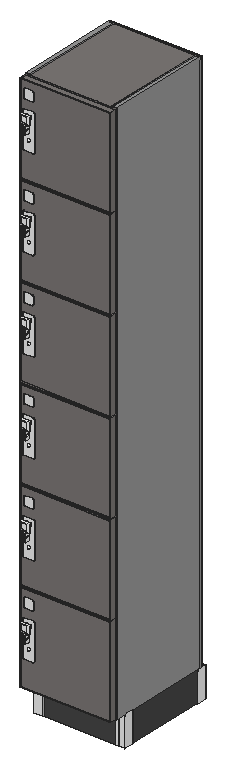
Revit family "Wood_Lockers_Hasps-Salsbury_Industries-46000_Series-1_Wide_Units", category Specialty Equipment, Revit 2023 (continued)
Definition of nested family "Premier Locker Doors_Hasp"
  Dimensions and locks (in)
    plane 7 "Front of Door" to plane 38 "Inner Knob" = 0.719"
    locked: plane 38 "Inner Knob" to plane 39 "Front of Knob" at 0.031
    locked: plane 40 to plane 20 "Top of Lock" at 1.125
    locked: plane 21 "Bottom of Lock" to plane 41 at 1.125
    locked: plane 20 "Top of Lock" to plane 42 at 0.125
    locked: plane 18 "Right Side of Lock" to plane 43 at 0.125
    locked: plane 44 to plane 17 "Left Side of Lock" at 0.125
    plane 42 to plane 45 = 1.250"
    locked: plane 45 to plane 46 "Top of Hole" at 0.125
    plane 48 to plane 30 "Center of Lock" to plane 47 = 0.188" locked, 0.188" locked
    locked: plane 46 "Top of Hole" to plane 49 "Bottom of Hole" at 1.25
    plane 49 "Bottom of Hole" to plane 50 "Stud Alignment" = 0.750"
    locked: plane 42 to plane 51 "Center of Handle" at 0.625
    plane 52 to plane 51 "Center of Handle" to plane 53 = 0.188" locked, 0.188" locked
    plane 7 "Front of Door" to plane 39 "Front of Knob" = 0.750"
    locked: plane 42 to plane 54 at 0.22204
    locked: plane 55 to plane 45 at 0.22204
    locked: plane 7 "Front of Door" to plane 56 "Front of Latch" at 0.625
    locked: plane 57 to plane 58 at 1
    locked: plane 46 "Top of Hole" to plane 57 at 0.1281
    equal spacing: plane 58, plane 59, plane 57
    locked: plane 60 to plane 5 "Right Side of Door" at 0.594
    locked: plane 57 to plane 61 at 0.0599
    locked: plane 62 to plane 58 at 0.06376
    plane 12 "Bottom of Number Tag" to plane 20 "Top of Lock" = 1.1875"
    aligned and locked: level to plane 2
    aligned and locked: Extrusion 5 to plane 11 "Top of Number Tag"
    aligned and locked: plane 12 "Bottom of Number Tag" to Extrusion 5
    aligned and locked: Extrusion 5 to plane 14 "Right Side of Number Tag"
    aligned and locked: Extrusion 5 to plane 13 "Left Side of Number Tag"
    aligned and locked: plane 29 "Back of Number Plate Inset" to Extrusion 5
    aligned and locked: plane 7 "Front of Door" to Extrusion 5
    aligned and locked: plane 29 "Back of Number Plate Inset" to Extrusion 6
    aligned and locked: plane 7 "Front of Door" to Extrusion 6
    aligned and locked: Extrusion 6 to plane 14 "Right Side of Number Tag"
    aligned and locked: Extrusion 6 to plane 13 "Left Side of Number Tag"
    aligned and locked: Extrusion 6 to plane 11 "Top of Number Tag"
    aligned and locked: plane 12 "Bottom of Number Tag" to Extrusion 6
    aligned and locked: curve 9 to Extrusion 8
    aligned and locked: curve 10 to Extrusion 8
    aligned and locked: curve 11 to Extrusion 8
    aligned and locked: Extrusion 7 to curve 12
    aligned and locked: curve 14 to Extrusion 7
    aligned and locked: curve 16 to plane 7 "Front of Door"
    aligned and locked: curve 19 to Extrusion 8  (x2)
    aligned and locked: curve 21 to Extrusion 8
    aligned and locked: curve 18 to curve 22
    aligned and locked: curve 22 to Extrusion 9  (x2)
    aligned and locked: curve 24 to Extrusion 9
    aligned and locked: curve 25 to Extrusion 10
    aligned and locked: curve 26 to Extrusion 10
    aligned and locked: curve 27 to Extrusion 10
    aligned and locked: plane 20 "Top of Lock" to Extrusion 11 sketch curve
    aligned and locked: Extrusion 11 sketch curve to plane 21 "Bottom of Lock"
    aligned and locked: Extrusion 11 to plane 29 "Back of Number Plate Inset"
    aligned and locked: plane 7 "Front of Door" to Extrusion 11
    aligned and locked: Extrusion 3 to Extrusion 11
    aligned and locked: plane 50 "Stud Alignment" to Sweep 14  (x2)
    aligned and locked: Extrusion 15 to plane 7 "Front of Door"
    aligned and locked: Extrusion 15 to plane 22 "Front of Hasp Stud"
    aligned and locked: plane 50 "Stud Alignment" to Extrusion 15
    aligned and locked: Blend 17 to plane 39 "Front of Knob"
    aligned and locked: plane 38 "Inner Knob" to Blend 17
    aligned and locked: plane 6 "Back of Door" to Extrusion 18 sketch curve
    aligned and locked: plane 56 "Front of Latch" to Extrusion 18 sketch curve
    aligned and locked: Extrusion 18 to plane 57
    aligned and locked: plane 58 to Extrusion 18
    aligned and locked: plane 59 to cut or joined group of Extrusion 18, Extrusion 19
    aligned and locked: plane 61 to Extrusion 13 sketch curve  (x2)
    aligned and locked: plane 62 to Extrusion 13 sketch curve  (x2)
  Automatic sketch dimensions
    Extrusion 1 sketch curve to plane 4 "Left Side of Door" = 0.031"
    plane 5 "Right Side of Door" to Extrusion 1 sketch curve = 0.031"
    level to Extrusion 1 sketch curve = 0.031"
    plane 9 "Top of Door" to Extrusion 1 sketch curve = 0.031"
    Extrusion 2 sketch curve to plane 4 "Left Side of Door" = 0.031"
    plane 5 "Right Side of Door" to Extrusion 2 sketch curve = 0.031"
    level to Extrusion 2 sketch curve = 0.031"
    plane 9 "Top of Door" to Extrusion 2 sketch curve = 0.031"
    Extrusion 3 sketch curve to plane 4 "Left Side of Door" = 0.031"
    plane 5 "Right Side of Door" to Extrusion 3 sketch curve = 0.031"
    level to Extrusion 3 sketch curve = 0.031"
    plane 9 "Top of Door" to Extrusion 3 sketch curve = 0.031"
    plane 23 "Left Side of Door-Right Side of Trim" to Sweep 4 sketch curve = 0.000"
    plane 24 "Right Side of Door-Left Side of Trim" to Sweep 4 sketch curve = 0.000"  (x2)
    Sweep 4 sketch curve to plane 26 "Bottom of Door-Top of Trim" = 0.000"
    Sweep 4 sketch curve to plane 25 "Top of Door-Bottom of Trim" = 0.000"
    profile plane to Sweep 4 sketch curve = 0.125"
    Sweep 4 sketch curve to Sweep 4 sketch curve = 0.031"
    Sweep 4 sketch curve to plane 1 "Center (Front/Back)" = 0.375"
    plane 1 "Center (Front/Back)" to Sweep 4 sketch curve = 0.375"
    Extrusion 7 sketch curve to plane 33 = 0.000"
    Extrusion 7 sketch curve to plane 34 = 0.000"
    plane 36 to Extrusion 8 sketch curve = 0.000"
    Extrusion 8 sketch curve to Extrusion 8 sketch curve = 0.500"
    plane 35 "Top Hinge" to Extrusion 8 sketch curve = 0.250"
    Extrusion 8 sketch curve to plane 35 "Top Hinge" = 0.250"
    plane 36 to Extrusion 9 sketch curve = 0.000"
    Extrusion 9 sketch curve to Extrusion 9 sketch curve = 0.500"
    plane 37 "Bottom Hinge" to Extrusion 9 sketch curve = 0.250"
    Extrusion 9 sketch curve to plane 37 "Bottom Hinge" = 0.250"
    plane 36 to Extrusion 10 sketch curve = 0.000"
    Extrusion 10 sketch curve to Extrusion 10 sketch curve = 0.500"
    curve 4 to level = 0.000"
    plane 4 "Left Side of Door" to curve 4 = 0.000"
    plane 5 "Right Side of Door" to curve 3 = 0.000"
    curve 3 to plane 9 "Top of Door" = 0.000"
    Extrusion 5 sketch curve to plane 13 "Left Side of Number Tag" = 0.000"
    Extrusion 5 sketch curve to plane 12 "Bottom of Number Tag" = 0.000"
    Extrusion 5 sketch curve to plane 11 "Top of Number Tag" = 0.000"
    Extrusion 5 sketch curve to plane 14 "Right Side of Number Tag" = 0.000"
    Extrusion 6 sketch curve to plane 13 "Left Side of Number Tag" = 0.000"
    Extrusion 6 sketch curve to plane 12 "Bottom of Number Tag" = 0.000"
    Extrusion 6 sketch curve to plane 11 "Top of Number Tag" = 0.000"
    Extrusion 6 sketch curve to plane 14 "Right Side of Number Tag" = 0.000"
    Extrusion 11 sketch curve to plane 13 "Left Side of Number Tag" = 0.125"
    Extrusion 10 sketch curve to plane 10 "Center of Door" = 0.250"
    plane 10 "Center of Door" to Extrusion 10 sketch curve = 0.250"
    Extrusion 11 sketch curve to plane 21 "Bottom of Lock" = 0.125"
    plane 13 "Left Side of Number Tag" to Extrusion 5 sketch curve = 0.14916"
    Extrusion 5 sketch curve to Extrusion 5 sketch curve = 0.14916"  (x2)
    plane 13 "Left Side of Number Tag" to Extrusion 6 sketch curve = 0.14916"
    Extrusion 6 sketch curve to plane 12 "Bottom of Number Tag" = 0.14916"
    plane 13 "Left Side of Number Tag" to Extrusion 11 sketch curve = 0.000"  (x2)
    Extrusion 5 sketch curve to plane 12 "Bottom of Number Tag" = 0.14916"
    Extrusion 6 sketch curve to plane 14 "Right Side of Number Tag" = 0.14916"  (x2)
    plane 14 "Right Side of Number Tag" to Extrusion 11 sketch curve = 0.000"  (x2)
    Extrusion 12 sketch curve to plane 17 "Left Side of Lock" = 0.000"
    plane 13 "Left Side of Number Tag" to Extrusion 12 sketch curve = 0.000"  (x2)
    plane 14 "Right Side of Number Tag" to Extrusion 12 sketch curve = 0.000"  (x2)
    Extrusion 12 sketch curve to plane 20 "Top of Lock" = 0.000"
    Extrusion 12 sketch curve to plane 18 "Right Side of Lock" = 0.000"
    Extrusion 12 sketch curve to plane 21 "Bottom of Lock" = 0.125"
    plane 15 "Horizontal Center of Number Tag" to Sweep 14 sketch curve = 0.000"
    Sweep 14 sketch curve to plane 50 "Stud Alignment" = 0.000"
    Sweep 14 sketch curve to plane 7 "Front of Door" = 0.000"
    Sweep 14 sketch curve to profile plane = 0.000"
    profile plane to Sweep 14 sketch curve = 0.00168"
    profile plane to Sweep 14 sketch curve = 0.156"
    Sweep 14 sketch curve to plane 7 "Front of Door" = 0.03275"
    Extrusion 15 sketch curve to Extrusion 15 sketch curve = 0.000"  (x2)
    Extrusion 15 sketch curve to plane 50 "Stud Alignment" = 0.000"
    plane 15 "Horizontal Center of Number Tag" to Extrusion 15 sketch curve = 0.000"
    plane 15 "Horizontal Center of Number Tag" to Extrusion 15 sketch curve = 0.010"
    plane 13 "Left Side of Number Tag" to Sweep 16 sketch curve = 0.000"
    plane 14 "Right Side of Number Tag" to Sweep 16 sketch curve = 0.000"
    Sweep 16 sketch curve to plane 45 = 0.000"
    Sweep 16 sketch curve to plane 42 = 0.000"
    Sweep 16 sketch curve to plane 7 "Front of Door" = 0.000"
    profile plane to Sweep 16 sketch curve = 0.000"
    profile plane to Sweep 16 sketch curve = 0.22043"
    Sweep 16 sketch curve to Sweep 16 sketch curve = 0.01681"
    profile plane to Sweep 16 sketch curve = 0.33926"
    Sweep 16 sketch curve to Sweep 16 sketch curve = 0.14344"
    Sweep 16 sketch curve to Sweep 16 sketch curve = 0.15329"
    Sweep 16 sketch curve to Sweep 16 sketch curve = 0.59563"
    Sweep 16 sketch curve to Sweep 16 sketch curve = 0.24142"
    Sweep 16 sketch curve to Sweep 16 sketch curve = 0.00858"
    Sweep 16 sketch curve to Sweep 16 sketch curve = 0.51788"
    Sweep 16 sketch curve to Sweep 16 sketch curve = 0.31119"
    Sweep 16 sketch curve to Sweep 16 sketch curve = 0.11721"
    Sweep 16 sketch curve to Sweep 16 sketch curve = 0.01742"
    Sweep 16 sketch curve to Sweep 16 sketch curve = 0.06553"
    Sweep 16 sketch curve to Sweep 16 sketch curve = 0.000"
    Blend 17 sketch curve to plane 54 = 0.000"
    Blend 17 sketch curve to plane 55 = 0.000"
    Blend 17 sketch curve to plane 47 = 0.21496"
    plane 48 to Blend 17 sketch curve = 0.21496"
    plane 54 to Blend 17 sketch curve = 0.03267"
    Blend 17 sketch curve to plane 40 = 0.00461"
    Blend 17 sketch curve to plane 47 = 0.18235"
    plane 48 to Blend 17 sketch curve = 0.18227"
    Extrusion 18 sketch curve to plane 57 = 0.000"
    Extrusion 18 sketch curve to plane 58 = 0.000"
    plane 59 to Extrusion 19 sketch curve = 0.000"
    Extrusion 19 sketch curve to plane 22 "Front of Hasp Stud" = 0.16637"
    curve 29 to plane 14 "Right Side of Number Tag" = 0.000"
    curve 29 to plane 20 "Top of Lock" = 0.000"
    curve 30 to plane 18 "Right Side of Lock" = 0.000"
    curve 29 to plane 13 "Left Side of Number Tag" = 0.000"
    curve 31 to plane 42 = 0.000"
    curve 32 to plane 21 "Bottom of Lock" = 0.125"
    curve 34 to plane 14 "Right Side of Number Tag" = 0.000"
    curve 35 to plane 13 "Left Side of Number Tag" = 0.000"
    plane 15 "Horizontal Center of Number Tag" to curve 37 = 0.000"
    plane 47 to curve 37 = 0.000"
    plane 57 to curve 37 = 0.0599"
    curve 39 to plane 58 = 0.0661"
    curve 42 to plane 14 "Right Side of Number Tag" = 0.000"
    curve 41 to plane 13 "Left Side of Number Tag" = 0.000"
    curve 41 to plane 45 = 0.000"
    curve 43 to plane 42 = 0.000"
    curve 46 to plane 57 = 0.000"
    curve 46 to plane 15 "Horizontal Center of Number Tag" = 0.063"
    plane 15 "Horizontal Center of Number Tag" to curve 45 = 0.063"
    curve 47 to plane 58 = 0.000"
    curve 15 to plane 6 "Back of Door" = 0.000"
    plane 9 "Top of Door" to curve 15 = 0.000"
    plane 57 to curve 49 = 0.000"
    curve 51 to plane 56 "Front of Latch" = 0.000"
    plane 58 to curve 51 = 0.000"
    curve 17 to level = 0.000"
    plane 59 to curve 52 = 0.000"
    curve 53 to plane 22 "Front of Hasp Stud" = 0.16637"
    plane 7 "Front of Door" to curve 53 = 0.04137"
    plane 53 to curve 54 = 0.05633"
    curve 54 to plane 22 "Front of Hasp Stud" = 0.11642"
    plane 55 to curve 55 = 0.00161"
    curve 55 to plane 40 = 0.00465"
    plane 45 to curve 56 = 0.000"
    curve 56 to plane 39 "Front of Knob" = 0.01788"
    curve 56 to plane 40 = 0.08926"
    plane 55 to curve 57 = 0.000"
    curve 57 to plane 40 = 0.03757"
    plane 39 "Front of Knob" to curve 57 = 0.004"
    plane 42 to curve 60 = 0.000"
    curve 58 to plane 39 "Front of Knob" = 0.000"
    plane 54 to curve 58 = 0.000"
    plane 54 to curve 59 = 0.000"
    plane 55 to curve 58 = 0.000"
    curve 60 to plane 39 "Front of Knob" = 0.01788"
    curve 60 to plane 52 = 0.09774"
    plane 54 to curve 60 = 0.03261"
    plane 56 "Front of Latch" to curve 59 = 0.02711"
    plane 54 to curve 59 = 0.06553"
    plane 39 "Front of Knob" to curve 59 = 0.004"
    curve 61 to plane 54 = 0.00161"
    curve 61 to plane 22 "Front of Hasp Stud" = 0.11642"
    plane 6 "Back of Door" to curve 9 = 0.000"
    curve 6 to plane 4 "Left Side of Door" = 0.000"
    plane 7 "Front of Door" to curve 6 = 0.000"
    plane 7 "Front of Door" to curve 28 = 0.000"
    curve 67 to plane 14 "Right Side of Number Tag" = 0.000"
    curve 65 to plane 13 "Left Side of Number Tag" = 0.000"
    curve 66 to plane 39 "Front of Knob" = 0.000"
    curve 28 to plane 17 "Left Side of Lock" = 0.000"
    curve 28 to plane 18 "Right Side of Lock" = 0.000"
    curve 8 to plane 5 "Right Side of Door" = 0.000"
    curve 64 to plane 22 "Front of Hasp Stud" = 0.11642"
    curve 69 to plane 22 "Front of Hasp Stud" = 0.11642"
    curve 68 to plane 39 "Front of Knob" = 0.01788"
    curve 65 to plane 39 "Front of Knob" = 0.01788"
    curve 14 to plane 23 "Left Side of Door-Right Side of Trim" = 0.07537"
    plane 48 to curve 64 = 0.21657"
    plane 48 to curve 65 = 0.09774"
    plane 48 to curve 63 = 0.05633"
    curve 70 to plane 47 = 0.05633"
    curve 68 to plane 47 = 0.09774"
    curve 69 to curve 69 = 0.16024"
    curve 64 to curve 65 = 0.15655"
    curve 69 to curve 68 = 0.15655"
    plane 39 "Front of Knob" to curve 67 = 0.004"
    plane 33 to curve 14 = 0.250"
    curve 66 to curve 65 = 0.11721"
    curve 67 to plane 47 = 0.14943"
    curve 68 to curve 66 = 0.11721"
    curve 67 to curve 66 = 0.000"
    plane 39 "Front of Knob" to curve 71 = 0.004"
    curve 71 to curve 66 = 0.000"
    plane 48 to curve 71 = 0.14943"
    plane 1 "Center (Front/Back)" to curve 73 = 0.000"
    curve 73 to plane 4 "Left Side of Door" = 0.000"
    curve 73 to plane 60 = 0.000"
    plane 48 to Extrusion 13 sketch curve = 0.000"
    plane 15 "Horizontal Center of Number Tag" to Extrusion 13 sketch curve = 0.000"
    radius of Extrusion 7 sketch curve = 0.250"
    radius of Sweep 14 sketch curve = 0.010"
    radius of Extrusion 19 sketch curve = 0.250"
Definition of nested family "Wood Locker Bases"
  Parameters (values of type "Base - 12" W x 15" D Lockers")
    Width = 12.000"
    Visible Base = yes
    Visible = no
    Model = "Base - 12\" W x 15\" D Lockers"
    Manufacturer = "Salsbury Industries"
    Height = 4.000"
    Depth = 13.250"
    Default Elevation = 0.000"
    Base Secondary Material = none
    Base Primary Materials = none
    Base Hardware = none
  Types (14): name | Width | Visible Base | Visible | Model | Depth
    (no name) | 12.000" | yes | no | "Base - 12\" W x 15\" D Lockers" | 13.250"
    Base - 12" W x 15" D Lockers | 12.000" | yes | no | "Base - 12\" W x 15\" D Lockers" | 13.250"
    Base - 12" W x 18" D Lockers | 12.000" | yes | no | "Base - 12\" W x 18\" D Lockers" | 16.250"
    Base - 12" W x 21" D Lockers | 12.000" | yes | no | "Base - 12\" W x 21\" D Lockers" | 19.250"
    Base - 36" W x 15" D Lockers | 36.000" | yes | yes | "Base - 36\" W x 15\" D Lockers" | 13.250"
    Base - 36" W x 18" D Lockers | 36.000" | yes | yes | "Base - 36\" W x 18\" D Lockers" | 16.250"
    Base - 36" W x 21" D Lockers | 36.000" | yes | yes | "Base - 36\" W x 21\" D Lockers" | 19.250"
    Base - 15" W x 18" D Lockers | 15.000" | yes | no | "Base - 15\" W x 18\" D Lockers" | 16.250"
    Base - 15" W x 21" D Lockers | 15.000" | yes | no | "Base - 15\" W x 21\" D Lockers" | 19.250"
    Base - 15" W x 24" D Lockers | 15.000" | yes | no | "Base - 15\" W x 24\" D Lockers" | 22.250"
    Base - 45" W x 18" D Lockers | 45.000" | yes | yes | "Base - 45\" W x 18\" D Lockers" | 16.250"
    Base - 45" W x 21" D Lockers | 45.000" | yes | yes | "Base - 45\" W x 21\" D Lockers" | 19.250"
    Base - 45" W x 24" D Lockers | 45.000" | yes | yes | "Base - 45\" W x 24\" D Lockers" | 22.250"
    None | 12.000" | no | no | "Base - 12\" W x 15\" D Lockers" | 13.250"
  Reference planes (in)
    plane 1 "Center (Front/Back)": y = 0
    plane 2: z = 0
    plane 3 "Center (Left/Right)": x = 0
    plane 4 "Left Edge": x = -6
    plane 5 "Right Edge": x = 6
    plane 6 "Back Edge": y = 6.625
    plane 7 "Front Edge": y = -6.625
    plane 8 "Bottom Edge": z = 0
    plane 9 "Top Edge": z = 4
    plane 10: x = -4.75
    plane 11: x = -4.102
    plane 12: y = 6.562
    plane 13: y = 5.8
    plane 14: x = -5.131
    plane 15: x = -5.256
    plane 16: x = -5.937
    plane 17: x = -5.175
    plane 18: y = 4.727
    plane 19: y = 5.375
    plane 20: y = 5.756
    plane 21: y = 5.881
    plane 22: x = -5.931
    plane 23: x = 5.931
    plane 24: y = 6.556
    plane 25: y = -6.556
    plane 26: y = 6.525
    plane 27: y = -6.525
    plane 28: x = -5.9
    plane 29: x = 5.9
    plane 30: x = -2.375
    plane 31: x = 2.375
  Forms (in)
    Extrusion 1, solid, material <- "Base Hardware", visible <- "Visible Base"
      sketch origin (0, 0, 0) x (1, 0, 0) y (0, 1, 0)
        loop
          arc (-5.96712, 6.625) -> (-5.99098, 6.61598) -> (-6, 6.59212) r 0.031
          line (-6, 6.59212) -> (-6, 5.4065)
          arc (-6, 5.4065) -> (-5.9685, 5.375) -> (-5.937, 5.4065) r 0.0315
          line (-5.937, 5.4065) -> (-5.937, 5.756) -> (-5.837, 5.756) -> (-5.837, 5.819) -> (-5.937, 5.819) -> (-5.937, 6.51465) -> (-5.256, 5.83365) -> (-5.256, 5.756) -> (-5.175, 5.756) -> (-5.175, 4.75833)
          arc (-5.175, 4.75833) -> (-5.14367, 4.727) -> (-5.11235, 4.75833) r 0.03133
          line (-5.11235, 4.75833) -> (-5.11235, 5.73703) -> (-4.13348, 5.73703)
          arc (-4.13348, 5.73703) -> (-4.102, 5.76852) -> (-4.13348, 5.8) r 0.03148
          line (-4.13348, 5.8) -> (-5.131, 5.8) -> (-5.131, 5.881) -> (-5.21422, 5.881) -> (-5.89522, 6.562) -> (-5.194, 6.562) -> (-5.194, 6.462) -> (-5.131, 6.462) -> (-5.131, 6.562) -> (-4.7814, 6.562)
          arc (-4.7814, 6.562) -> (-4.7499, 6.5935) -> (-4.7814, 6.625) r 0.0315
          line (-4.7814, 6.625) -> (-5.96712, 6.625)
      from 0 to 4
    Extrusion 2, solid, material <- "Base Hardware", visible <- "Visible Base"
      sketch origin (0, 0, 0) x (-1, 0, 0) y (0, -1, 0)
        loop
          line (-5.96712, -6.625) -> (-4.7814, -6.625)
          arc (-4.7814, -6.625) -> (-4.7499, -6.5935) -> (-4.7814, -6.562) r 0.0315
          line (-4.7814, -6.562) -> (-5.131, -6.562) -> (-5.131, -6.462) -> (-5.194, -6.462) -> (-5.194, -6.562) -> (-5.89522, -6.562) -> (-5.21422, -5.881) -> (-5.131, -5.881) -> (-5.131, -5.8) -> (-4.13348, -5.8)
          arc (-4.13348, -5.8) -> (-4.102, -5.76852) -> (-4.13348, -5.73703) r 0.03148
          line (-4.13348, -5.73703) -> (-5.11235, -5.73703) -> (-5.11235, -4.75833)
          arc (-5.11235, -4.75833) -> (-5.14367, -4.727) -> (-5.175, -4.75833) r 0.03133
          line (-5.175, -4.75833) -> (-5.175, -5.756) -> (-5.256, -5.756) -> (-5.256, -5.83365) -> (-5.937, -6.51465) -> (-5.937, -5.819) -> (-5.837, -5.819) -> (-5.837, -5.756) -> (-5.937, -5.756) -> (-5.937, -5.4065)
          arc (-5.937, -5.4065) -> (-5.9685, -5.375) -> (-6, -5.4065) r 0.0315
          line (-6, -5.4065) -> (-6, -6.59212)
          arc (-6, -6.59212) -> (-5.99098, -6.61598) -> (-5.96712, -6.625) r 0.031
      from 0 to 4
    Extrusion 3, solid, material <- "Base Hardware", visible <- "Visible Base"
      sketch origin (0, 0, 0) x (1, 0, 0) y (0, 1, 0)
        loop
          line (-5.96712, -6.625) -> (-4.7814, -6.625)
          arc (-4.7814, -6.625) -> (-4.7499, -6.5935) -> (-4.7814, -6.562) r 0.0315
          line (-4.7814, -6.562) -> (-5.131, -6.562) -> (-5.131, -6.462) -> (-5.194, -6.462) -> (-5.194, -6.562) -> (-5.89522, -6.562) -> (-5.21422, -5.881) -> (-5.131, -5.881) -> (-5.131, -5.8) -> (-4.13348, -5.8)
          arc (-4.13348, -5.8) -> (-4.102, -5.76852) -> (-4.13348, -5.73703) r 0.03148
          line (-4.13348, -5.73703) -> (-5.11235, -5.73703) -> (-5.11235, -4.75833)
          arc (-5.11235, -4.75833) -> (-5.14367, -4.727) -> (-5.175, -4.75833) r 0.03133
          line (-5.175, -4.75833) -> (-5.175, -5.756) -> (-5.256, -5.756) -> (-5.256, -5.83365) -> (-5.937, -6.51465) -> (-5.937, -5.819) -> (-5.837, -5.819) -> (-5.837, -5.756) -> (-5.937, -5.756) -> (-5.937, -5.4065)
          arc (-5.937, -5.4065) -> (-5.9685, -5.375) -> (-6, -5.4065) r 0.0315
          line (-6, -5.4065) -> (-6, -6.59212)
          arc (-6, -6.59212) -> (-5.99098, -6.61598) -> (-5.96712, -6.625) r 0.031
      from 0 to 4
    Extrusion 4, solid, material <- "Base Hardware", visible <- "Visible Base"
      sketch origin (0, 0, 0) x (-1, 0, 0) y (0, -1, 0)
        loop
          arc (-5.96712, 6.625) -> (-5.99098, 6.61598) -> (-6, 6.59212) r 0.031
          line (-6, 6.59212) -> (-6, 5.4065)
          arc (-6, 5.4065) -> (-5.9685, 5.375) -> (-5.937, 5.4065) r 0.0315
          line (-5.937, 5.4065) -> (-5.937, 5.756) -> (-5.837, 5.756) -> (-5.837, 5.819) -> (-5.937, 5.819) -> (-5.937, 6.51465) -> (-5.256, 5.83365) -> (-5.256, 5.756) -> (-5.175, 5.756) -> (-5.175, 4.75833)
          arc (-5.175, 4.75833) -> (-5.14367, 4.727) -> (-5.11235, 4.75833) r 0.03133
          line (-5.11235, 4.75833) -> (-5.11235, 5.73703) -> (-4.13348, 5.73703)
          arc (-4.13348, 5.73703) -> (-4.102, 5.76852) -> (-4.13348, 5.8) r 0.03148
          line (-4.13348, 5.8) -> (-5.131, 5.8) -> (-5.131, 5.881) -> (-5.21422, 5.881) -> (-5.89522, 6.562) -> (-5.194, 6.562) -> (-5.194, 6.462) -> (-5.131, 6.462) -> (-5.131, 6.562) -> (-4.7814, 6.562)
          arc (-4.7814, 6.562) -> (-4.7499, 6.5935) -> (-4.7814, 6.625) r 0.0315
          line (-4.7814, 6.625) -> (-5.96712, 6.625)
      from 0 to 4
    Extrusion 5, solid, material <- "Base Secondary Material", visible <- "Visible Base"
      sketch origin (0, 0, 0) x (0, -1, 0) y (1, 0, 0)
        loop
          line (-5.756, 5.9) -> (-5.756, 5.181) -> (5.75697, 5.181) -> (5.75697, 5.9) -> (-5.756, 5.9)
      from 0 to 4
    Extrusion 6, solid, material <- "Base Secondary Material", visible <- "Visible Base"
      sketch origin (0, 0, 0) x (0, -1, 0) y (1, 0, 0)
        loop
          line (-5.756, -5.9) -> (5.75697, -5.9) -> (5.75697, -5.181) -> (-5.756, -5.181) -> (-5.756, -5.9)
      from 0 to 4
    Extrusion 7, solid, material <- "Base Secondary Material", visible <- "Visible Base"
      sketch origin (-2.05521, 0.625, 0) x (1, 0, 0) y (0, 1, 0)
        loop
          line (-3.07579, 5.9) -> (-3.07579, 5.181) -> (7.18621, 5.181) -> (7.18621, 5.9) -> (-3.07579, 5.9)
      from 0 to 4
    Extrusion 8, solid, material <- "Base Secondary Material", visible <- "Visible Base"
      sketch origin (-2.05521, -0.625, 0) x (1, 0, 0) y (0, 1, 0)
        loop
          line (-3.07579, -5.9) -> (7.18621, -5.9) -> (7.18621, -5.181) -> (-3.07579, -5.181) -> (-3.07579, -5.9)
      from 0 to 4
    Extrusion 9, solid, material <- "Base Primary Materials", visible <- "Visible Base"
      sketch origin (0.76452, 0, 0) x (0, -1, 0) y (1, 0, 0)
        loop
          line (-5.756, 5.16648) -> (-5.756, 5.13548) -> (5.75697, 5.13548) -> (5.75697, 5.16648) -> (-5.756, 5.16648)
      from 0 to 4
    Extrusion 10, solid, material <- "Base Primary Materials", visible <- "Visible Base"
      sketch origin (-0.719, 0, 0) x (0, -1, 0) y (1, 0, 0)
        loop
          line (-5.756, -5.212) -> (5.75697, -5.212) -> (5.75697, -5.181) -> (-5.756, -5.181) -> (-5.756, -5.212)
      from 0 to 4
    Extrusion 11, solid, material <- "Base Primary Materials", visible <- "Visible Base"
      sketch origin (-2.05521, 1.344, 0) x (1, 0, 0) y (0, 1, 0)
        loop
          line (-3.07579, 5.218) -> (-3.07579, 5.181) -> (7.18621, 5.181) -> (7.18621, 5.218) -> (-3.07579, 5.218)
      from 0 to 4
    Extrusion 12, solid, material <- "Base Primary Materials", visible <- "Visible Base"
      sketch origin (-2.05521, -1.344, 0) x (1, 0, 0) y (0, 1, 0)
        loop
          line (-3.07579, -5.212) -> (7.18621, -5.212) -> (7.18621, -5.181) -> (-3.07579, -5.181) -> (-3.07579, -5.212)
      from 0 to 4
    Extrusion 13, solid, material <- "Base Secondary Material", visible <- "Visible"
      sketch origin (0, 0, 4) x (0, -1, 0) y (1, 0, 0)
        loop
          line (-5.806, -2.375) -> (5.806, -2.375) -> (5.806, 2.375) -> (-5.806, 2.375) -> (-5.806, -2.375)
      from 0 to -0.75
    Extrusion 14, solid, material <- "Base Secondary Material", visible <- "Visible"
      sketch origin (0, 0, 0) x (0, -1, 0) y (1, 0, 0)
        loop
          line (-5.806, -2.375) -> (-5.056, -2.375) -> (-5.056, 2.375) -> (-5.806, 2.375) -> (-5.806, -2.375)
      from 0 to 3.25
    Extrusion 15, solid, material <- "Base Secondary Material", visible <- "Visible"
      sketch origin (0, 0, 0) x (0, 1, 0) y (-1, 0, 0)
        loop
          line (-5.806, 2.375) -> (-5.806, -2.375) -> (-5.056, -2.375) -> (-5.056, 2.375) -> (-5.806, 2.375)
      from 0 to 3.25
  Dimensions and locks (in)
    equal spacing: plane 4 "Left Edge", plane 3 "Center (Left/Right)", plane 5 "Right Edge"
    "Width": plane 4 "Left Edge" to plane 5 "Right Edge"
    equal spacing: plane 7 "Front Edge", plane 1 "Center (Front/Back)", plane 6 "Back Edge"
    "Depth": plane 7 "Front Edge" to plane 6 "Back Edge"
    "Height": plane 9 "Top Edge" to plane 8 "Bottom Edge"
    locked: plane 4 "Left Edge" to plane 10 at 1.25
    locked: plane 4 "Left Edge" to plane 11 at 1.898
    locked: plane 12 to plane 6 "Back Edge" at 0.063
    plane 14 to plane 10 = 0.381"
    locked: plane 12 to plane 13 at 0.762
    locked: plane 4 "Left Edge" to plane 16 at 0.063
    locked: plane 16 to plane 17 at 0.762
    locked: plane 19 to plane 6 "Back Edge" at 1.25
    locked: plane 18 to plane 6 "Back Edge" at 1.898
    plane 15 to plane 17 = 0.081"
    plane 21 to plane 13 = 0.081"
    plane 19 to plane 20 = 0.381"
    plane 24 to plane 6 "Back Edge" = 0.069"
    plane 7 "Front Edge" to plane 25 = 0.069"
    plane 23 to plane 5 "Right Edge" = 0.069"
    plane 4 "Left Edge" to plane 22 = 0.069"
    plane 26 to plane 24 = 0.031"
    plane 25 to plane 27 = 0.031"
    plane 22 to plane 28 = 0.031"
    plane 29 to plane 23 = 0.031"
    plane 30 to plane 3 "Center (Left/Right)" to plane 31 = 2.375" locked, 2.375" locked
    aligned and locked: level to plane 2
    aligned and locked: plane 30 to Extrusion 13
    aligned and locked: plane 30 to Extrusion 14
    aligned and locked: plane 30 to Extrusion 15
    aligned and locked: Extrusion 13 to plane 31
    aligned and locked: Extrusion 14 to plane 31
    aligned and locked: Extrusion 15 to plane 31
  Automatic sketch dimensions
    Extrusion 1 sketch curve to plane 4 "Left Edge" = 0.000"
    plane 6 "Back Edge" to Extrusion 1 sketch curve = 0.000"
    Extrusion 1 sketch curve to plane 16 = 0.000"  (x2)
    Extrusion 1 sketch curve to plane 12 = 0.000"  (x2)
    plane 20 to Extrusion 1 sketch curve = 0.000"  (x2)
    Extrusion 1 sketch curve to plane 15 = 0.000"
    plane 21 to Extrusion 1 sketch curve = 0.000"
    Extrusion 1 sketch curve to plane 17 = 0.000"
    Extrusion 1 sketch curve to plane 14 = 0.000"  (x2)
    Extrusion 1 sketch curve to plane 13 = 0.000"
    Extrusion 1 sketch curve to plane 4 "Left Edge" = 0.03094"
    plane 16 to Extrusion 1 sketch curve = 0.03012"
    Extrusion 1 sketch curve to plane 28 = 0.00478"
    Extrusion 1 sketch curve to plane 28 = 0.063"
    plane 17 to Extrusion 1 sketch curve = 0.03922"
    plane 17 to Extrusion 1 sketch curve = 0.019"
    plane 14 to Extrusion 1 sketch curve = 0.01267"
    plane 10 to Extrusion 1 sketch curve = 0.0314"
    plane 11 to Extrusion 1 sketch curve = 0.03148"
    plane 20 to Extrusion 1 sketch curve = 0.01897"
    Extrusion 1 sketch curve to plane 19 = 0.0315"
    Extrusion 1 sketch curve to plane 18 = 0.03133"
    plane 13 to Extrusion 1 sketch curve = 0.019"
    plane 13 to Extrusion 1 sketch curve = 0.03365"
    plane 26 to Extrusion 1 sketch curve = 0.063"
    plane 26 to Extrusion 1 sketch curve = 0.01035"
    plane 12 to Extrusion 1 sketch curve = 0.03012"
    Extrusion 2 sketch curve to plane 5 "Right Edge" = 0.000"
    plane 6 "Back Edge" to Extrusion 2 sketch curve = 0.000"
    plane 20 to Extrusion 2 sketch curve = 0.000"  (x2)
    plane 12 to Extrusion 2 sketch curve = 0.000"  (x2)
    plane 21 to Extrusion 2 sketch curve = 0.000"
    plane 13 to Extrusion 2 sketch curve = 0.000"
    Extrusion 2 sketch curve to plane 5 "Right Edge" = 0.03094"
    Extrusion 2 sketch curve to Extrusion 2 sketch curve = 0.0315"
    Extrusion 2 sketch curve to Extrusion 2 sketch curve = 0.00194"
    plane 23 to Extrusion 2 sketch curve = 0.006"
    Extrusion 2 sketch curve to plane 29 = 0.00478"
    Extrusion 2 sketch curve to plane 29 = 0.063"
    Extrusion 2 sketch curve to plane 13 = 0.03365"
    Extrusion 2 sketch curve to Extrusion 2 sketch curve = 0.581"
    Extrusion 2 sketch curve to Extrusion 2 sketch curve = 0.04178"
    Extrusion 2 sketch curve to plane 26 = 0.063"
    Extrusion 2 sketch curve to Extrusion 2 sketch curve = 0.02022"
    plane 18 to Extrusion 2 sketch curve = 0.03133"
    Extrusion 2 sketch curve to plane 29 = 0.725"
    Extrusion 2 sketch curve to Extrusion 2 sketch curve = 0.03133"
    Extrusion 2 sketch curve to Extrusion 2 sketch curve = 0.063"
    Extrusion 2 sketch curve to Extrusion 2 sketch curve = 0.08322"
    Extrusion 2 sketch curve to Extrusion 2 sketch curve = 0.3496"
    Extrusion 2 sketch curve to Extrusion 2 sketch curve = 0.97886"
    plane 19 to Extrusion 2 sketch curve = 0.0315"
    Extrusion 2 sketch curve to plane 20 = 0.01897"
    Extrusion 2 sketch curve to plane 13 = 0.019"
    Extrusion 2 sketch curve to plane 26 = 0.01035"
    Extrusion 2 sketch curve to plane 12 = 0.03012"
    Extrusion 3 sketch curve to plane 4 "Left Edge" = 0.000"
    plane 7 "Front Edge" to Extrusion 3 sketch curve = 0.000"
    Extrusion 3 sketch curve to plane 16 = 0.000"  (x2)
    Extrusion 3 sketch curve to plane 15 = 0.000"
    Extrusion 3 sketch curve to plane 17 = 0.000"
    Extrusion 3 sketch curve to plane 14 = 0.000"  (x2)
    plane 4 "Left Edge" to Extrusion 3 sketch curve = 0.03094"
    Extrusion 3 sketch curve to plane 16 = 0.03012"
    plane 28 to Extrusion 3 sketch curve = 0.00478"
    plane 28 to Extrusion 3 sketch curve = 0.063"
    Extrusion 3 sketch curve to plane 17 = 0.03922"
    Extrusion 3 sketch curve to plane 17 = 0.019"
    Extrusion 3 sketch curve to plane 14 = 0.01267"
    Extrusion 3 sketch curve to plane 25 = 0.006"  (x2)
    Extrusion 3 sketch curve to plane 10 = 0.0314"
    Extrusion 3 sketch curve to plane 11 = 0.03148"
    plane 27 to Extrusion 3 sketch curve = 0.01035"
    plane 27 to Extrusion 3 sketch curve = 0.063"
    Extrusion 3 sketch curve to Extrusion 3 sketch curve = 0.581"
    Extrusion 3 sketch curve to Extrusion 3 sketch curve = 0.04735"
    Extrusion 3 sketch curve to Extrusion 3 sketch curve = 0.01465"
    Extrusion 3 sketch curve to Extrusion 3 sketch curve = 0.081"
    Extrusion 3 sketch curve to Extrusion 3 sketch curve = 0.03148"
    Extrusion 3 sketch curve to Extrusion 3 sketch curve = 0.044"
    Extrusion 3 sketch curve to Extrusion 3 sketch curve = 0.063"
    Extrusion 3 sketch curve to Extrusion 3 sketch curve = 0.3495"
    Extrusion 3 sketch curve to Extrusion 3 sketch curve = 0.97871"
    plane 7 "Front Edge" to Extrusion 3 sketch curve = 0.03288"
    Extrusion 4 sketch curve to plane 5 "Right Edge" = 0.000"
    plane 7 "Front Edge" to Extrusion 4 sketch curve = 0.000"
    plane 5 "Right Edge" to Extrusion 4 sketch curve = 0.03094"
    Extrusion 4 sketch curve to Extrusion 4 sketch curve = 0.0315"
    Extrusion 4 sketch curve to Extrusion 4 sketch curve = 0.00194"
    Extrusion 4 sketch curve to plane 23 = 0.006"
    plane 29 to Extrusion 4 sketch curve = 0.00478"
    plane 29 to Extrusion 4 sketch curve = 0.063"
    Extrusion 4 sketch curve to Extrusion 4 sketch curve = 0.581"
    Extrusion 4 sketch curve to Extrusion 4 sketch curve = 0.04178"
    Extrusion 4 sketch curve to plane 27 = 0.063"
    Extrusion 4 sketch curve to Extrusion 4 sketch curve = 0.02022"
    plane 29 to Extrusion 4 sketch curve = 0.725"
    Extrusion 4 sketch curve to Extrusion 4 sketch curve = 0.03133"
    Extrusion 4 sketch curve to Extrusion 4 sketch curve = 0.063"  (x2)
    Extrusion 4 sketch curve to Extrusion 4 sketch curve = 0.08322"
    plane 25 to Extrusion 4 sketch curve = 0.006"  (x2)
    Extrusion 4 sketch curve to Extrusion 4 sketch curve = 0.3496"
    Extrusion 4 sketch curve to plane 27 = 0.725"
    Extrusion 4 sketch curve to Extrusion 4 sketch curve = 0.97886"
    Extrusion 4 sketch curve to Extrusion 4 sketch curve = 0.03148"
    Extrusion 4 sketch curve to Extrusion 4 sketch curve = 0.044"
    Extrusion 4 sketch curve to Extrusion 4 sketch curve = 0.000"
    Extrusion 4 sketch curve to Extrusion 4 sketch curve = 0.3495"
    Extrusion 4 sketch curve to Extrusion 4 sketch curve = 0.97871"
    Extrusion 4 sketch curve to Extrusion 4 sketch curve = 0.07765"
    Extrusion 4 sketch curve to Extrusion 4 sketch curve = 0.081"
    Extrusion 4 sketch curve to plane 27 = 0.01035"
    Extrusion 4 sketch curve to plane 7 "Front Edge" = 0.03288"
    plane 20 to Extrusion 5 sketch curve = 0.000"
    Extrusion 5 sketch curve to plane 29 = 0.000"
    Extrusion 5 sketch curve to plane 27 = 0.76803"
    plane 29 to Extrusion 5 sketch curve = 0.719"
    plane 20 to Extrusion 6 sketch curve = 0.000"
    Extrusion 6 sketch curve to plane 28 = 0.000"
    plane 27 to Extrusion 6 sketch curve = 0.76803"
    Extrusion 6 sketch curve to plane 17 = 0.006"
    Extrusion 7 sketch curve to plane 14 = 0.000"
    plane 26 to Extrusion 7 sketch curve = 0.000"
    plane 29 to Extrusion 7 sketch curve = 0.769"
    plane 13 to Extrusion 7 sketch curve = 0.006"
    Extrusion 8 sketch curve to plane 14 = 0.000"
    plane 27 to Extrusion 8 sketch curve = 0.000"
    Extrusion 8 sketch curve to plane 29 = 0.769"
    plane 27 to Extrusion 8 sketch curve = 0.719"
    plane 20 to Extrusion 9 sketch curve = 0.000"
    Extrusion 9 sketch curve to plane 23 = 0.000"
    Extrusion 9 sketch curve to plane 29 = 0.000"
    Extrusion 9 sketch curve to plane 27 = 0.76803"
    plane 20 to Extrusion 10 sketch curve = 0.000"
    Extrusion 10 sketch curve to plane 22 = 0.000"
    Extrusion 10 sketch curve to plane 28 = 0.000"
    plane 27 to Extrusion 10 sketch curve = 0.76803"
    Extrusion 11 sketch curve to plane 14 = 0.000"
    plane 12 to Extrusion 11 sketch curve = 0.000"
    plane 26 to Extrusion 11 sketch curve = 0.000"
    plane 29 to Extrusion 11 sketch curve = 0.769"
    Extrusion 12 sketch curve to plane 14 = 0.000"
    plane 25 to Extrusion 12 sketch curve = 0.000"
    plane 27 to Extrusion 12 sketch curve = 0.000"
    Extrusion 12 sketch curve to plane 29 = 0.769"
    plane 13 to Extrusion 13 sketch curve = 0.006"
    Extrusion 13 sketch curve to plane 27 = 0.719"
    Extrusion 13 sketch curve to plane 11 = 1.727"
    plane 3 "Center (Left/Right)" to Extrusion 13 sketch curve = 2.375"
    plane 13 to Extrusion 14 sketch curve = 0.006"
    plane 19 to Extrusion 14 sketch curve = 0.319"
    Extrusion 14 sketch curve to plane 11 = 1.727"
    plane 3 "Center (Left/Right)" to Extrusion 14 sketch curve = 2.375"
    plane 27 to Extrusion 15 sketch curve = 0.719"
    Extrusion 15 sketch curve to Extrusion 15 sketch curve = 0.750"
    plane 11 to Extrusion 15 sketch curve = 1.727"
    Extrusion 15 sketch curve to plane 3 "Center (Left/Right)" = 2.375"
Definition of nested family "Wood Locker Sloping Hoods"
  Parameters (values of type "44359 - for 15" Deep Lockers (3 Wide)")
    Width = 36.000"
    Visible = yes
    Version = "1.0 (12/15/23)"
    Type Comments = "Sloping Hood for Premier Wood Lockers"
    Model = "44359"
    Manufacturer = "Salsbury Industries"
    Laminate Surface = none
    Height = 5.743"
    Description = "For 15\" D - 3 Wide Lockers"
    Depth = 14.625"
    Default Elevation = 0.000"
  Types (20): name | Width | Visible | Version | Type Comments | Model | Manufacturer | Height | Description | Depth
    (no name) | 36.000" | yes | "1.0 (12/15/23)" | "Sloping Hood for Premier Wood Lockers" | "44359" | "Salsbury Industries" | 5.743" | "For 15\" D - 3 Wide Lockers" | 14.625"
    44357 - for 15" Deep Lockers (1 Wide) | 12.000" | yes | "1.0 (12/15/23)" | "Sloping Hood for Premier Wood Lockers" | "44357" | "Salsbury Industries" | 5.743" | "For 15\" D - 1 Wide Lockers" | 14.625"
    44353 - for 18" Deep Lockers (1 Wide) | 12.000" | yes | "1.0 (12/15/23)" | "Sloping Hood for Premier Wood Lockers" | "44353" | "Salsbury Industries" | 6.868" | "For 18\" D - 1 Wide Lockers" | 17.625"
    44352 - for 21" Deep Lockers (1 Wide) | 12.000" | yes | "1.0 (12/15/23)" | "Sloping Hood for Premier Wood Lockers" | "44352" | "Salsbury Industries" | 7.993" | "For 21\" D - 1 Wide Lockers" | 20.625"
    44359 - for 15" Deep Lockers (3 Wide) | 36.000" | yes | "1.0 (12/15/23)" | "Sloping Hood for Premier Wood Lockers" | "44359" | "Salsbury Industries" | 5.743" | "For 15\" D - 3 Wide Lockers" | 14.625"
    44356 - for 18" Deep Lockers (3 Wide) | 36.000" | yes | "1.0 (12/15/23)" | "Sloping Hood for Premier Wood Lockers" | "44356" | "Salsbury Industries" | 6.868" | "For 18\" D - 3 Wide Lockers" | 17.625"
    44354 - for 21" Deep Lockers (3 Wide) | 36.000" | yes | "1.0 (12/15/23)" | "Sloping Hood for Premier Wood Lockers" | "44354" | "Salsbury Industries" | 7.993" | "For 21\" D - 3 Wide Lockers" | 20.625"
    44255 - for 24" Deep Lockers (1 Wide) | 15.000" | yes | "1.0 (12/15/23)" | "Sloping Hood for Premier Wood Lockers" | "44255" | "Salsbury Industries" | 9.118" | "For 24\" D - 1 Wood Lockers" | 23.625"
    442257 - for 24" Deep Lockers (3 Wide) | 45.000" | yes | "1.0 (12/15/23)" | "Sloping Hood for Premier Wod Lockers" | "44257" | "Salsbury Industries" | 9.118" | "For 24\" D - 3 Wide Lockers" | 23.625"
    44252 - for 21" Deep Lockers (1 Wide) | 15.000" | yes | "1.0 (12/15/23)" | "Sloping Hood for 15\" Wide Premier Wood Lockers" | "44252" | "Salsbury Industries" | 7.993" | "For 21\" D - 1 Wide Lockers" | 20.625"
    44254 - for 21" Deep Lockers (3 Wide) | 45.000" | yes | "1.0 (12/15/23)" | "Sloping Hood for 15\" Wide Premier Wood Lockers" | "44254" | "Salsbury Industries" | 7.993" | "For 21\" D - 3 Wide Lockers" | 20.625"
    44251 - for 18" Deep Lockers (1 Wide) | 15.000" | yes | "1.0 (12/15/23)" | "Sloping Hood for 15\"Wide Premier Wood Lockers" | "44251" | "Salsbury Industries" | 6.868" | "For 18\" D - 1 Wide Lockers" | 17.625"
    44253 - for 18" Deep Lockers (3 Wide) | 45.000" | yes | "1.0 (12/15/23)" | "Sloping Hood for 15\" Wide Premier Wood Lockers" | "44253" | "Salsbury Industries" | 6.868" | "For 18\" D - 3 Wide Lockers" | 17.625"
    None | 12.000" | no | "" | "" | "" | "" | 5.743" | "" | 14.625"
    44818 - for 18" Deep Lockers (1 Wide) | 18.000" | yes | "1.0 (12/15/23)" | "Sloping Hood for Premier Wood Lockers" | "44818" | "Salsbury Industries" | 6.868" | "For 18\" D - 1 Wide Lockers" | 17.625"
    44811- for 21" Deep Lockers (1 Wide) | 18.000" | yes | "1.0 (12/15/23)" | "Sloping Hood for Premier Wood Lockers" | "44811" | "Salsbury Industries" | 7.993" | "For 21\" D - 1 Wide Lockers" | 20.625"
    44814- for 24" Deep Lockers (1 Wide) | 18.000" | yes | "1.0 (12/15/23)" | "Sloping Hood for Premier Wood Lockers" | "44814" | "Salsbury Industries" | 9.118" | "For 24\" D - 1 Wide Lockers" | 23.625"
    44838- for 18" Deep Lockers (3 Wide) | 54.000" | yes | "1.0 (12/15/23)" | "Sloping Hood for Premier Wood Lockers" | "44838" | "Salsbury Industries" | 6.868" | "For 18\" D - 3 Wide Lockers" | 17.625"
    44831- for 21" Deep Lockers (3 Wide) | 54.000" | yes | "1.0 (12/15/23)" | "Sloping Hood for Premier Wood Lockers" | "44831" | "Salsbury Industries" | 7.993" | "For 21\" D - 3 Wide Lockers" | 20.625"
    44834- for 24" Deep Lockers (3 Wide) | 54.000" | yes | "1.0 (12/15/23)" | "Sloping Hood for Premier Wood Lockers" | "834" | "Salsbury Industries" | 9.118" | "For 24\" D - 3 Wide Lockers" | 23.625"
  Reference planes (in)
    plane 1 "Center (Front/Back)": y = 0
    plane 2: z = 0
    plane 3 "Center (Left/Right)": x = 0
    plane 4 "Front of Hood": y = -7.3125
    plane 5 "Back of Hood": y = 7.3125
    plane 6 "Right Side of Hood": x = 18
    plane 7 "Left Side of Hood": x = -18
    plane 8 "Bottom of Hood": z = 0
    plane 9 "Top of Hood": z = 5.743
    plane 10: x = 17.25
    plane 11: x = -17.25
    plane 12: y = -7.2815
    plane 13: y = -6.5625
    plane 14: z = 5.712
    plane 15: z = 4.993
    plane 16: z = 0.062
    plane 17: z = 0.75
  Forms (in)
    Extrusion 1, solid, visible <- "Visible"
      sketch origin (18, 0.37227, 0) x (0, -1, 0) y (0, 0, 1)
        loop
          line (-0.25, 2.38027) -> (-0.25, 0) -> (0.37227, 0) -> (0.37227, 2.13726) -> (-0.25, 2.38027)
      from 0 to 36
    Extrusion 2, solid, visible <- "Visible"
      sketch origin (0, 0, 0) x (0, 1, 0) y (0, 0, 1)
        loop
          line (-5.47273, 0) -> (7.3125, 4.993) -> (7.3125, 5.712) -> (-7.23269, 0.062) -> (-7.2815, 0.062) -> (-7.2815, 0) -> (-5.47273, 0)
      from -18 to 18
    Extrusion 3, solid, material <- "Laminate Surface", visible <- "Visible"
      sketch origin (0, 0, 0) x (0, 1, 0) y (0, 0, 1)
        loop
          line (-7.3125, 0.062) -> (-7.3125, 0) -> (-7.2815, 0) -> (-7.2815, 0.062) -> (-7.3125, 0.062)
      from -18 to 18
    Extrusion 4, solid, material <- "Laminate Surface", visible <- "Visible"
      sketch origin (0, 0, 0) x (0, 1, 0) y (0, 0, 1)
        loop
          line (7.3125, 5.743) -> (-7.3125, 0.062) -> (-7.23269, 0.062) -> (7.3125, 5.712) -> (7.3125, 5.743)
      from -18 to 18
  Dimensions and locks (in)
    equal spacing: plane 7 "Left Side of Hood", plane 3 "Center (Left/Right)", plane 6 "Right Side of Hood"
    "Width": plane 7 "Left Side of Hood" to plane 6 "Right Side of Hood"
    equal spacing: plane 4 "Front of Hood", plane 1 "Center (Front/Back)", plane 5 "Back of Hood"
    "Depth": plane 4 "Front of Hood" to plane 5 "Back of Hood"
    "Height": plane 9 "Top of Hood" to plane 8 "Bottom of Hood"
    plane 7 "Left Side of Hood" to plane 11 = 0.750"
    plane 10 to plane 6 "Right Side of Hood" = 0.750"
    plane 4 "Front of Hood" to plane 12 to plane 13 = 0.031" locked, 0.719" locked
    plane 15 to plane 14 to plane 9 "Top of Hood" = 0.719" locked, 0.031" locked
    locked: plane 16 to plane 8 "Bottom of Hood" at 0.062
    locked: plane 17 to plane 8 "Bottom of Hood" at 0.75
    aligned and locked: level to plane 2
    aligned and locked: Extrusion 2 to plane 6 "Right Side of Hood"
    aligned and locked: plane 7 "Left Side of Hood" to Extrusion 2
    aligned and locked: plane 7 "Left Side of Hood" to Extrusion 4
    aligned and locked: Extrusion 4 to plane 6 "Right Side of Hood"
    aligned and locked: Extrusion 3 to plane 6 "Right Side of Hood"
    aligned and locked: plane 7 "Left Side of Hood" to Extrusion 3
    aligned and locked: Extrusion 2 to Extrusion 1 sketch curve
    aligned and locked: plane 7 "Left Side of Hood" to Extrusion 1
    aligned and locked: Extrusion 1 to plane 6 "Right Side of Hood"
  Automatic sketch dimensions
    Extrusion 3 sketch curve to level = 0.000"
    Extrusion 3 sketch curve to plane 4 "Front of Hood" = 0.000"
    Extrusion 3 sketch curve to plane 12 = 0.000"
    plane 16 to Extrusion 3 sketch curve = 0.000"
    Extrusion 4 sketch curve to plane 4 "Front of Hood" = 0.000"
    plane 16 to Extrusion 4 sketch curve = 0.000"
    Extrusion 4 sketch curve to plane 5 "Back of Hood" = 0.000"
    plane 14 to Extrusion 4 sketch curve = 0.000"
    plane 9 "Top of Hood" to Extrusion 4 sketch curve = 0.000"
    Extrusion 4 sketch curve to plane 12 = 0.04881"
    Extrusion 2 sketch curve to level = 0.000"
    Extrusion 2 sketch curve to plane 12 = 0.000"
    plane 16 to Extrusion 2 sketch curve = 0.000"
    Extrusion 2 sketch curve to plane 5 "Back of Hood" = 0.000"
    plane 15 to Extrusion 2 sketch curve = 0.000"
    plane 14 to Extrusion 2 sketch curve = 0.000"
    Extrusion 2 sketch curve to plane 13 = 1.08977"
    Extrusion 2 sketch curve to plane 12 = 0.04881"
    Extrusion 1 sketch curve to level = 0.000"
    Extrusion 1 sketch curve to plane 1 "Center (Front/Back)" = 0.000"
    Extrusion 1 sketch curve to Extrusion 1 sketch curve = 0.24302"
Definition of nested family "Wood Locker Sloping Corner Fillers"
  Parameters (values of type "44487 - for 15" D Lockers")
    Width = 16.875"
    Visible = yes
    Version = "1.0 (12/15/23)"
    Type Comments = "Sloping Hood Corner Filler for Premier Wood Lockers"
    Model = "44487"
    Manufacturer = "Salsbury Industries"
    Laminate Surface = none
    Height = 5.743"
    Description = "For 15\" D Lockers"
    Depth = 16.875"
    Default Elevation = 0.000"
  Types (6): name | Width | Visible | Version | Type Comments | Model | Manufacturer | Height | Description | Depth
    (no name) | 16.875" | yes | "1.0 (12/15/23)" | "Sloping Hood Corner Filler for Premier Wood Lockers" | "44487" | "Salsbury Industries" | 5.743" | "For 15\" D Lockers" | 16.875"
    44487 - for 15" D Lockers | 16.875" | yes | "1.0 (12/15/23)" | "Sloping Hood Corner Filler for Premier Wood Lockers" | "44487" | "Salsbury Industries" | 5.743" | "For 15\" D Lockers" | 16.875"
    44488 - for 18" D Lockers | 19.875" | yes | "1.0 (12/15/23)" | "Sloping Hood Corner Filler for Premier Wood Lockers" | "44488" | "Salsbury Industries" | 6.868" | "For 18\" D Lockers" | 19.875"
    44481- for 21" D Lockers | 22.875" | yes | "1.0 (12/15/23)" | "Sloping Hood Corner Filler for Premier Wood Lockers" | "44481" | "Salsbury Industries" | 7.993" | "For 21\" D Lockers" | 22.875"
    44489- for 24" D Lockers | 25.875" | yes | "1.0 (12/15/23)" | "Sloping Hood Corner Filler for Premier Wood Lockers" | "44489" | "Salsbury Industries" | 9.118" | "For 24\" D Lockers" | 25.875"
    None | 16.875" | no | "" | "" | "" | "" | 5.743" | "" | 16.875"
  Reference planes (in)
    plane 1 "Center (Front/Back)": y = -0.8125
    plane 2: z = 0
    plane 3 "Center (Left/Right)": x = 0.8125
    plane 4 "Front of Hood": y = -7
    plane 5 "Right Side of Hood": x = 7
    plane 6 "Bottom of Hood": z = 0
    plane 7 "Black Trim Line": y = -6.969
    plane 8: z = 0.062
    plane 9: z = 0.75
    plane 10 "New Back of Hood": y = 7.625
    plane 11 "New Front of Hood": y = -9.25
    plane 12 "New Left Side": x = -7.625
    plane 13 "New Right Side": x = 9.25
    plane 14 "Top": z = 5.743
    plane 15: x = 6.969
  Forms (in)
    Extrusion 1, solid, visible <- "Visible"
      sketch origin (0.8125, 0, 0) x (0, 1, 0) y (0, 0, 1)
        loop
          line (-5.16023, 0) -> (7.625, 4.99437) -> (7.625, 5.712) -> (-6.92019, 0.062) -> (-6.969, 0.062) -> (-6.969, 0) -> (-5.16023, 0)
      from -8.4375 to 8.4375
    Extrusion 2, solid, material <- "Laminate Surface", visible <- "Visible"
      sketch origin (0.8125, 0, 0.00023) x (0, 1, 0) y (0, 0, 1)
        loop
          line (7.625, 5.74277) -> (-7, 0.06177) -> (-6.92019, 0.06177) -> (7.625, 5.71177) -> (7.625, 5.74277)
      from -8.4375 to 8.4375
    Extrusion 3, void
      sketch origin (0, 0, 0) x (0, -1, 0) y (1, 0, 0)
        loop
          line (7, 7) -> (-7.625, -7.625) -> (7, -7.625) -> (7, 7)
      from 0 to 5.743
    Extrusion 4, solid, material <- "Laminate Surface", visible <- "Visible"
      sketch origin (9.25, 0, 0) x (0, -1, 0) y (0, 0, 1)
        loop
          line (7, 0) -> (7, 0.062) -> (6.969, 0.062) -> (6.969, 0) -> (7, 0)
      from 0 to 2.25
    Extrusion 5, solid, visible <- "Visible"
      sketch origin (-1.125, -0.8125, 0) x (1, 0, 0) y (0, 0, 1)
        loop
          line (6.28523, 0) -> (8.094, 0) -> (8.094, 0.062) -> (8.04519, 0.062) -> (-6.5, 5.712) -> (-6.5, 4.99437) -> (6.28523, 0)
      from -8.4375 to 8.4375
    Extrusion 6, solid, material <- "Laminate Surface", visible <- "Visible"
      sketch origin (-1.125, -0.8125, 0) x (1, 0, 0) y (0, 0, 1)
        loop
          line (-6.5, 5.743) -> (-6.5, 5.712) -> (8.04519, 0.062) -> (8.125, 0.062) -> (-6.5, 5.743)
      from -8.4375 to 8.4375
    Extrusion 7, solid, material <- "Laminate Surface", visible <- "Visible"
      sketch origin (0, -7, 0) x (1, 0, 0) y (0, 0, 1)
        loop
          line (7, 0) -> (7, 0.062) -> (6.969, 0.062) -> (6.969, 0) -> (7, 0)
      from 0 to 2.25
    Extrusion 8, void
      sketch origin (9.25, 0, 0) x (0, -1, 0) y (0, 0, 1)
        loop
          line (-7.625, 0) -> (5.16023, 0) -> (-7.625, 4.99437) -> (-7.625, 0)
      from 0 to 16.875
  Cuts and joins
    Extrusion 3, Extrusion 8 cuts Extrusion 1
    Extrusion 3 cuts Extrusion 2
    Extrusion 8 cuts Extrusion 5
    Extrusion 8 cuts Extrusion 6
  Dimensions and locks (in)
    locked: plane 4 "Front of Hood" to plane 7 "Black Trim Line" at 0.031
    locked: plane 8 to plane 6 "Bottom of Hood" at 0.062
    locked: plane 9 to plane 6 "Bottom of Hood" at 0.75
    "Height": plane 14 "Top" to plane 6 "Bottom of Hood"
    "Width": plane 12 "New Left Side" to plane 13 "New Right Side"
    "Depth": plane 11 "New Front of Hood" to plane 10 "New Back of Hood"
    equal spacing: plane 12 "New Left Side", plane 3 "Center (Left/Right)", plane 13 "New Right Side"
    equal spacing: plane 11 "New Front of Hood", plane 1 "Center (Front/Back)", plane 10 "New Back of Hood"
    locked: plane 5 "Right Side of Hood" to plane 13 "New Right Side" at 2.25
    locked: plane 11 "New Front of Hood" to plane 4 "Front of Hood" at 2.25
    locked: plane 15 to plane 5 "Right Side of Hood" at 0.031
    aligned and locked: level to plane 2
    aligned and locked: plane 12 "New Left Side" to Extrusion 3
    aligned and locked: Extrusion 2 to plane 13 "New Right Side"
    aligned and locked: plane 12 "New Left Side" to cut or joined group of Extrusion 2, Extrusion 3
    aligned and locked: cut or joined group of Extrusion 2, Extrusion 3 to plane 10 "New Back of Hood"
    aligned and locked: plane 12 "New Left Side" to cut or joined group of Extrusion 1, Extrusion 3, Extrusion 8
    aligned and locked: cut or joined group of Extrusion 1, Extrusion 3, Extrusion 8 to plane 13 "New Right Side"
    aligned and locked: cut or joined group of Extrusion 1, Extrusion 3, Extrusion 8 to plane 10 "New Back of Hood"  (x2)
    aligned and locked: plane 4 "Front of Hood" to cut or joined group of Extrusion 2, Extrusion 3
    aligned and locked: Extrusion 3 to cut or joined group of Extrusion 2, Extrusion 3
    aligned and locked: plane 13 "New Right Side" to cut or joined group of Extrusion 1, Extrusion 3, Extrusion 8
    aligned and locked: plane 5 "Right Side of Hood" to Extrusion 4
    aligned and locked: Extrusion 8 to Extrusion 1  (x2)
    aligned and locked: Extrusion 1 to Extrusion 8
    aligned and locked: cut or joined group of Extrusion 1, Extrusion 3, Extrusion 8 to Extrusion 6
    aligned and locked: plane 11 "New Front of Hood" to Extrusion 6
    aligned and locked: plane 12 "New Left Side" to Extrusion 6
    aligned and locked: plane 11 "New Front of Hood" to Extrusion 5
    aligned and locked: plane 12 "New Left Side" to Extrusion 5
    aligned and locked: cut or joined group of Extrusion 1, Extrusion 3, Extrusion 8 to Extrusion 5
  Automatic sketch dimensions
    Extrusion 1 sketch curve to level = 0.000"
    Extrusion 1 sketch curve to plane 7 "Black Trim Line" = 0.000"
    plane 8 to Extrusion 1 sketch curve = 0.000"
    Extrusion 1 sketch curve to plane 10 "New Back of Hood" = 0.000"
    Extrusion 1 sketch curve to Extrusion 1 sketch curve = 0.04881"
    Extrusion 1 sketch curve to Extrusion 1 sketch curve = 1.75996"
    plane 14 "Top" to Extrusion 1 sketch curve = 0.74863"
    plane 14 "Top" to Extrusion 1 sketch curve = 0.031"
    Extrusion 2 sketch curve to plane 4 "Front of Hood" = 0.000"
    plane 8 to Extrusion 2 sketch curve = 0.000"
    Extrusion 2 sketch curve to plane 10 "New Back of Hood" = 0.000"
    plane 14 "Top" to Extrusion 2 sketch curve = 0.000"
    Extrusion 2 sketch curve to plane 7 "Black Trim Line" = 0.04881"
    plane 14 "Top" to Extrusion 2 sketch curve = 0.031"
    plane 10 "New Back of Hood" to Extrusion 3 sketch curve = 0.000"
    plane 4 "Front of Hood" to Extrusion 3 sketch curve = 0.000"
    Extrusion 3 sketch curve to plane 12 "New Left Side" = 0.000"
    Extrusion 3 sketch curve to plane 5 "Right Side of Hood" = 0.000"
    Extrusion 4 sketch curve to level = 0.000"
    Extrusion 4 sketch curve to plane 7 "Black Trim Line" = 0.000"
    Extrusion 4 sketch curve to plane 4 "Front of Hood" = 0.000"
    plane 8 to Extrusion 4 sketch curve = 0.000"
    Extrusion 5 sketch curve to level = 0.000"
    Extrusion 5 sketch curve to plane 8 = 0.000"
    plane 14 "Top" to Extrusion 5 sketch curve = 0.031"
    Extrusion 5 sketch curve to plane 12 "New Left Side" = 0.000"
    plane 5 "Right Side of Hood" to Extrusion 5 sketch curve = 1.83977"
    plane 5 "Right Side of Hood" to Extrusion 5 sketch curve = 0.07981"
    Extrusion 5 sketch curve to Extrusion 5 sketch curve = 0.04881"
    Extrusion 5 sketch curve to Extrusion 5 sketch curve = 0.71763"
    plane 14 "Top" to Extrusion 6 sketch curve = 0.000"
    Extrusion 6 sketch curve to plane 8 = 0.000"
    Extrusion 6 sketch curve to plane 12 "New Left Side" = 0.000"
    plane 5 "Right Side of Hood" to Extrusion 6 sketch curve = 0.07981"
    Extrusion 6 sketch curve to Extrusion 6 sketch curve = 0.07981"
    plane 14 "Top" to Extrusion 6 sketch curve = 0.031"
    Extrusion 7 sketch curve to level = 0.000"
    plane 15 to Extrusion 7 sketch curve = 0.000"
    plane 5 "Right Side of Hood" to Extrusion 7 sketch curve = 0.000"
    Extrusion 7 sketch curve to plane 8 = 0.000"
    Extrusion 8 sketch curve to plane 10 "New Back of Hood" = 0.000"
    Extrusion 8 sketch curve to level = 0.000"
    Extrusion 8 sketch curve to plane 7 "Black Trim Line" = 1.80877"
    plane 14 "Top" to Extrusion 8 sketch curve = 0.74863"
Definition of nested family "Wood Locker Flat Corner Fillers"
  Parameters (values of type "44437 - for 15" D Lockers")
    Width = 16.875"
    Visible = yes
    Version = "1.0 (12/15/23)"
    Type Comments = "Flat Top Corner Filler for Premier Wood Lockers"
    Model = "44437"
    Manufacturer = "Salsbury Industries"
    Laminate Surface = none
    Height = 0.750"
    Description = "For 15\" D Lockers"
    Depth = 16.875"
    Default Elevation = 0.000"
  Types (6): name | Width | Visible | Version | Type Comments | Model | Manufacturer | Description | Depth
    (no name) | 16.875" | yes | "1.0 (12/15/23)" | "Flat Top Corner Filler for Premier Wood Lockers" | "44437" | "Salsbury Industries" | "For 15\" D Lockers" | 16.875"
    44437 - for 15" D Lockers | 16.875" | yes | "1.0 (12/15/23)" | "Flat Top Corner Filler for Premier Wood Lockers" | "44437" | "Salsbury Industries" | "For 15\" D Lockers" | 16.875"
    None | 15.000" | no | "" | "" | "" | "" | "" | 13.250"
    44438 - for 18" D Lockers | 19.875" | yes | "1.0 (12/15/23)" | "Flat Top Corner Filler for Premier Wood Lockers" | "44438" | "Salsbury Industries" | "For 18\" D Lockers" | 19.875"
    44431 - for 21" D Lockers | 22.875" | yes | "1.0 (12/15/23)" | "Flat Top Corner Filler for Premier Wood Lockers" | "44431" | "Salsbury Industries" | "For 21\" D Lockers" | 22.875"
    44439 - for 24" D Lockers | 25.875" | yes | "1.0 (12/15/23)" | "Flat Top Corner Filler for Premier Wood Lockers" | "44439" | "Salsbury Industries" | "For 24\" D Lockers" | 25.875"
  Reference planes (in)
    plane 1 "Center (Front/Back)": y = 0
    plane 2: z = 0
    plane 3 "Center (Left/Right)": x = 0
    plane 4 "Right Side": x = 8.4375
    plane 5 "Left Side": x = -8.4375
    plane 6 "Front Side": y = -8.4375
    plane 7 "Back Side": y = 8.4375
    plane 8 "Bottom": z = 0
    plane 9 "Top Side": z = 0.75
    plane 10 "Wood - Laminate Line": z = 0.719
    plane 11: x = -5.4375
    plane 12: y = -5.4375
  Forms (in)
    Extrusion 1, solid, visible <- "Visible"
      sketch origin (0, 0, 0) x (0, -1, 0) y (1, 0, 0)
        loop
          line (-8.4375, -8.4375) -> (5.4375, -8.4375) -> (5.4375, -5.4375) -> (8.4375, -5.4375) -> (8.4375, 8.4375) -> (-8.4375, 8.4375) -> (-8.4375, -8.4375)
      from 0 to 0.719
    Extrusion 2, solid, material <- "Laminate Surface", visible <- "Visible"
      sketch origin (0, 0, 0.75) x (1, 0, 0) y (0, 1, 0)
        loop
          line (-8.4375, -5.4375) -> (-5.4375, -5.4375) -> (-5.4375, -8.4375) -> (8.4375, -8.4375) -> (8.4375, 8.4375) -> (-8.4375, 8.4375) -> (-8.4375, -5.4375)
      from -0.031 to 0
